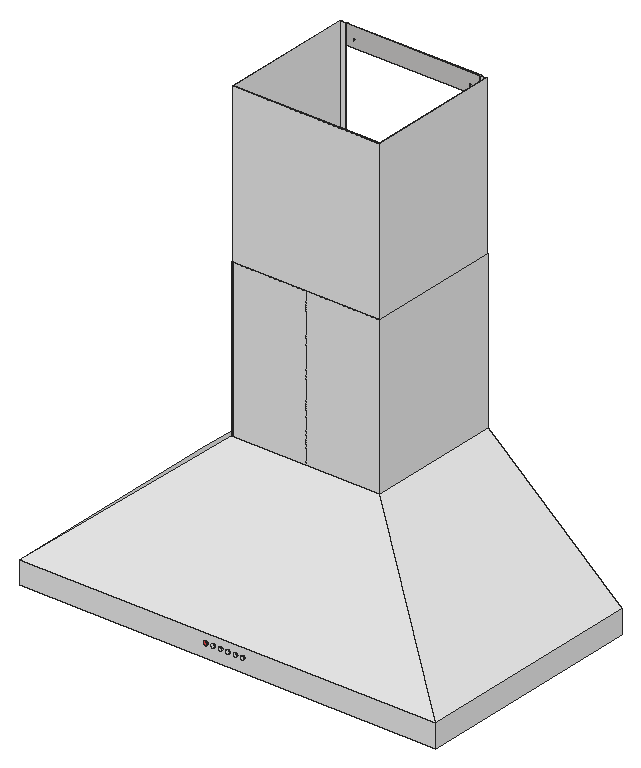
Revit family "FP_Revit_18_HC36PCW1_Rangehood_90001881A", category Specialty Equipment, Revit 2018
Family settings
  Round Connector Dimension = Use Diameter
  Part Type = Normal
  OmniClass Number = 23.40.40.00
  OmniClass Title = Food Service Equipment and Furnishings
  Work Plane-Based = No
  Always vertical = Yes
  Cut with Voids When Loaded = Yes
  Shared = No
  Room Calculation Point = No
Parameters (values of type "HC36PCW1")
  Visibility - Upper Chimney Extension [instance] = yes
  URL = "www.fisherpaykel.com"
  Product - Width = 898 mm  # constant formula
  Product - Height (636mm - 975mm) Ducted [instance] = 975 mm
  Product - Depth = 500 mm  # constant formula
  Model = "HC36PCW1"
  Material - COLOUR CHANGE = Fisher & Paykel - White
  Material - Buttons and Dials = Fisher & Paykel - Steel, Chrome Plated
  Material - Body = Fisher & Paykel - Stainless Steel
  Manufacturer = "Fisher & Paykel Appliances"
  FFL Offset [instance] = 1565 mm
  Description = "36\" Rangehood"
  Connector Description - Extraction = "6” (152 mm) diameter, rigid or semi-rigid ducting, 600 CFM"
  Connector Description - Electrical = "120 V, 60 Hz"
  Chassis - Width = 320 mm  # constant formula
  Chassis - Height = 298 mm  # constant formula
  Chassis - Depth = 290 mm  # constant formula
Types (5, lengths in mm): name | Model | Material - COLOUR CHANGE
  (no name) | "HC36PCW1" | Fisher & Paykel - White
  HC36PCB1 | "HC36PCB1" | Fisher & Paykel - Black
  HC36PCR1 | "HC36PCR1" | Fisher & Paykel - Red
  HC36PCX1 | "HC36PCX1" | Fisher & Paykel - Stainless Steel
  HC36PCW1 | "HC36PCW1" | Fisher & Paykel - White
Reference planes
  plane 1 "Datum": y = 0
  plane 2: z = 0
  plane 3 "Center (Left/Right)": x = 0
  plane 4 "Product - Height": z = 2540
  plane 5 "Product LHS": x = -449
  plane 6 "Product RHS": x = 449
  plane 7 "Product - Depth": y = -500
  plane 8 "Cavity LHS": x = -160
  plane 9 "Cavity RHS": x = 160
  plane 10 "Chassis - Depth": y = -290
  plane 11 "FFL Offset": z = 1565
  plane 12 "Chassis - Height": z = 1863
Forms (mm)
  Extrusion 1, solid, material "Fisher & Paykel - White" <- "Material - COLOUR CHANGE"
    sketch origin (0, 0, 0) x (1, 0, 0) y (0, 1, 0)
      loop
        line (-145, 0) -> (-160, 0) -> (-160, -290) -> (0, -290) -> (160, -290) -> (160, 0) -> (145, 0) -> (145, -1) -> (159, -1) -> (159, -289) -> (-159, -289) -> (-159, -1) -> (-145, -1) -> (-145, 0)
    from 1863 to 2200
  Extrusion 2, solid, material "Fisher & Paykel - White" <- "Material - COLOUR CHANGE", visible <- "Visibility - Upper Chimney Extension"
    sketch origin (0, 0, 0) x (1, 0, 0) y (0, 1, 0)
      loop
        line (-158, -2) -> (-145, -2) -> (-145, -1) -> (-159, -1) -> (-159, -289) -> (159, -289) -> (159, -1) -> (145, -1) -> (145, -2) -> (158, -2) -> (158, -288.044) -> (-158, -288.044) -> (-158, -2)
    from 2190 to 2540
  Extrusion 3, solid, material "Fisher & Paykel - Stainless Steel" <- "Material - Body"
    sketch origin (0, 0, 0) x (1, 0, 0) y (0, 1, 0)
      loop
        circle (0, -87.6) r 75
      loop
        circle (0, -87.6) r 74
    from 1850 to 1897.007
  Extrusion 4, solid, material "Fisher & Paykel - Stainless Steel" <- "Material - Body", visible <- "Visibility - Upper Chimney Extension"
    sketch origin (0, 0, 7) x (1, 0, 0) y (0, 0, 1)
      loop
        line (-145, 2491.596) -> (145, 2491.596) -> (145, 2533) -> (-145, 2533) -> (-145, 2491.596)
      loop
        circle (125, 2508) r 2.5
      loop
        circle (-125, 2508) r 2.5
    from 0 to 2
  Extrusion 5, solid, material "Fisher & Paykel - Steel, Chrome Plated" <- "Material - Buttons and Dials", detail levels fine
    sketch origin (0, 0, 565) x (1, 0, 0) y (0, 0, 1)
      loop
        circle (-32, 1029.1) r 3.958
      loop
        circle (-16, 1029.1) r 3.958
      loop
        circle (0, 1029.1) r 3.958
      loop
        circle (16, 1029.1) r 3.958
      loop
        circle (32, 1029.1) r 3.958
    from 501 to 500
  Extrusion 6, void
    sketch origin (0, 0, 0) x (1, 0, 0) y (0, 1, 0)
      loop
        line (-427.4, -479.9) -> (427.4, -479.9) -> (427.4, -89.9) -> (-427.4, -89.9) -> (-427.4, -479.9)
      loop
        circle (-207.5, -42) r 25
      loop
        circle (207.5, -42) r 25
    from 1565 to 1574
  Extrusion 7, solid, material "Fisher & Paykel - Stainless Steel" <- "Material - Body", detail levels fine
    sketch origin (0, 0, 0) x (1, 0, 0) y (0, 1, 0)
      loop
        line (142.7, -89.9) -> (142.7, -479.9) -> (427.4, -479.9) -> (427.4, -89.9) -> (142.7, -89.9)
      loop
        line (417.55, -469.9) -> (417.55, -99.9) -> (152.2, -99.9) -> (152.2, -469.9) -> (252.55, -469.9) -> (252.55, -409.9) -> (317.55, -409.9) -> (317.55, -469.9) -> (417.55, -469.9)
      loop
        line (269.45, -428.3) -> (269.45, -468.3) -> (300.65, -468.3) -> (300.65, -428.3) -> (269.45, -428.3)
      loop
        line (274.65, -433.5) -> (274.65, -463.1) -> (295.45, -463.1) -> (295.45, -433.5) -> (274.65, -433.5)
      loop
        line (274.85, -442.6) -> (274.85, -462.9) -> (295.25, -462.9) -> (295.25, -442.6) -> (274.85, -442.6)
      loop
        line (-142.7, -89.9) -> (-427.4, -89.9) -> (-427.4, -479.9) -> (-142.7, -479.9) -> (-142.7, -89.9)
      loop
        line (-417.55, -469.9) -> (-317.55, -469.9) -> (-317.55, -409.9) -> (-252.55, -409.9) -> (-252.55, -469.9) -> (-152.2, -469.9) -> (-152.2, -99.9) -> (-417.55, -99.9) -> (-417.55, -469.9)
      loop
        line (-269.45, -428.3) -> (-300.65, -428.3) -> (-300.65, -468.3) -> (-269.45, -468.3) -> (-269.45, -428.3)
      loop
        line (-274.65, -433.5) -> (-295.45, -433.5) -> (-295.45, -463.1) -> (-274.65, -463.1) -> (-274.65, -433.5)
      loop
        line (-274.85, -442.6) -> (-295.25, -442.6) -> (-295.25, -462.9) -> (-274.85, -462.9) -> (-274.85, -442.6)
      loop
        line (-142.35, -89.9) -> (-142.35, -479.9) -> (142.35, -479.9) -> (142.35, -89.9) -> (-142.35, -89.9)
      loop
        line (132.5, -469.9) -> (132.5, -99.9) -> (-132.85, -99.9) -> (-132.85, -469.9) -> (-32.5, -469.9) -> (-32.5, -409.9) -> (32.5, -409.9) -> (32.5, -469.9) -> (132.5, -469.9)
      loop
        line (-15.6, -428.3) -> (-15.6, -468.3) -> (15.6, -468.3) -> (15.6, -428.3) -> (-15.6, -428.3)
      loop
        line (-10.4, -433.5) -> (-10.4, -463.1) -> (10.4, -463.1) -> (10.4, -433.5) -> (-10.4, -433.5)
      loop
        line (-10.2, -442.6) -> (-10.2, -462.9) -> (10.2, -462.9) -> (10.2, -442.6) -> (-10.2, -442.6)
      loop
        line (268.45, -427.3) -> (268.45, -469.3) -> (301.65, -469.3) -> (301.65, -427.3) -> (268.45, -427.3)
      loop
        line (-16.6, -427.3) -> (-16.6, -469.3) -> (16.6, -469.3) -> (16.6, -427.3) -> (-16.6, -427.3)
      loop
        line (-268.45, -427.3) -> (-301.65, -427.3) -> (-301.65, -469.3) -> (-268.45, -469.3) -> (-268.45, -427.3)
    from 1566 to 1574
  Extrusion 8, solid, material "Fisher & Paykel - Aluminium", detail levels medium+fine
    sketch origin (0, 0, 0) x (1, 0, 0) y (0, 1, 0)
      loop
        line (152.2, -99.9) -> (152.2, -469.9) -> (252.55, -469.9) -> (252.55, -409.9) -> (317.55, -409.9) -> (317.55, -469.9) -> (417.55, -469.9) -> (417.55, -99.9) -> (152.2, -99.9)
      loop
        line (-152.2, -99.9) -> (-417.55, -99.9) -> (-417.55, -469.9) -> (-317.55, -469.9) -> (-317.55, -409.9) -> (-252.55, -409.9) -> (-252.55, -469.9) -> (-152.2, -469.9) -> (-152.2, -99.9)
      loop
        line (-132.675, -99.9) -> (-132.675, -469.9) -> (-32.325, -469.9) -> (-32.325, -409.9) -> (32.675, -409.9) -> (32.675, -469.9) -> (132.675, -469.9) -> (132.675, -99.9) -> (-132.675, -99.9)
    from 1566 to 1574
  Extrusion 9, void
    sketch origin (0, 0, 0) x (1, 0, 0) y (0, 0, 1)
      loop
        line (-449, 1863) -> (-449, 1615) -> (-160, 1863) -> (-449, 1863)
      loop
        line (449, 1863) -> (160, 1863) -> (449, 1615) -> (449, 1863)
    from 0 to 500
  Extrusion 10, solid, material "Fisher & Paykel - White" <- "Material - COLOUR CHANGE"
    sketch origin (0, 0, 0) x (0, 1, 0) y (0, 0, 1)
      loop
        line (-500, 1565) -> (0, 1565) -> (0, 1863) -> (-290, 1863) -> (-500, 1615) -> (-500, 1565)
    from -449 to 449
  Extrusion 11, solid, material "Fisher & Paykel - Stainless Steel" <- "Material - Body", detail levels medium+fine
    sketch origin (0, 0, 0) x (1, 0, 0) y (0, 1, 0)
      loop
        circle (90.933, -33) r 3
    from 1897.007 to 1850
  Extrusion 12, solid, material "Fisher & Paykel - Steel, Chrome Plated" <- "Material - Buttons and Dials", detail levels medium+fine
    sketch origin (0, 0, 0) x (1, 0, 0) y (0, 1, 0)
      loop
        circle (-207.5, -42) r 25
      loop
        circle (-207.5, -42) r 22
      loop
        circle (207.5, -42) r 25
      loop
        circle (207.5, -42) r 22
    from 1565 to 1574
  Extrusion 13, solid, material "Fisher & Paykel - White Bezel", detail levels fine
    sketch origin (0, 0, 0) x (1, 0, 0) y (0, 1, 0)
      loop
        circle (-207.5, -42) r 22
      loop
        circle (207.5, -42) r 22
    from 1565 to 1574
  Extrusion 14, void
    sketch origin (0, 0, 0) x (1, 0, 0) y (0, 0, 1)
      loop
        circle (254, 1612) r 2.5
      loop
        circle (125, 1859) r 2.5
      loop
        circle (-254, 1610) r 2.5
      loop
        circle (-125, 1859) r 2.5
    from 0 to 7
  Extrusion 15, solid, material "Fisher & Paykel - Stainless Steel" <- "Material - Body"
    sketch origin (0, 0, 0) x (1, 0, 0) y (0, 0, 1)
      loop
        line (-145, 2183) -> (-145, 2143) -> (145, 2143) -> (145, 2183) -> (-145, 2183)
      loop
        circle (125, 2161) r 2.5
      loop
        circle (-125, 2161) r 2.5
    from 0 to 2
  Extrusion 16, void
    sketch origin (0, 0, 0) x (1, 0, 0) y (0, 1, 0)
      loop
        line (-159, -289) -> (159, -289) -> (159, -2) -> (-159, -2) -> (-159, -289)
    from 1850 to 1863
  Extrusion 17, solid, material "Fisher & Paykel - Bezel Red", detail levels fine
    sketch origin (0, 0, 0) x (1, 0, 0) y (0, 0, 1)
      loop
        circle (-48, 1594.1) r 4.044
    from 500 to 501
Cuts and joins
  Extrusion 6, Extrusion 9, Extrusion 14, Extrusion 16 cuts Extrusion 10
  joined: Extrusion 1, Extrusion 10
  Extrusion 14 cuts Extrusion 4
  Extrusion 14 cuts Extrusion 15
Text (mm)
  text "Due to ongoing product development, product details are subject to change without notice. \nPlease always refer to www.fisherpaykel.com for the most current product information. \n© Fisher & Paykel 2020" at (41.04, -1225.549, 0), in view "Ref. Level (Plan)"
Dimensions and locks
  equal spacing: plane 5 "Product LHS", plane 3 "Center (Left/Right)", plane 6 "Product RHS"
  equal spacing: plane 8 "Cavity LHS", plane 3 "Center (Left/Right)", plane 9 "Cavity RHS"
  "Chassis - Width": plane 8 "Cavity LHS" to plane 9 "Cavity RHS"
  locked: Extrusion 1 sketch curve to Extrusion 1 sketch curve at 1  (x3)
  "FFL Offset": plane 11 "FFL Offset" to level
  "Product - Height (636mm - 975mm) Ducted": plane 4 "Product - Height" to plane 11 "FFL Offset"
  locked: Extrusion 8 to plane 11 "FFL Offset" at 9
  locked: Extrusion 7 to plane 11 "FFL Offset" at 1
  locked: Extrusion 1 to plane 11 "FFL Offset" at 635
  "Chassis - Depth": plane 10 "Chassis - Depth" to plane 1 "Datum"
  "Product - Width": plane 5 "Product LHS" to plane 6 "Product RHS"
  "Product - Depth": plane 1 "Datum" to plane 7 "Product - Depth"
  "Chassis - Height": plane 12 "Chassis - Height" to plane 11 "FFL Offset"
  locked: plane 11 "FFL Offset" to Extrusion 14 sketch curve at 294
  locked: plane 4 "Product - Height" to Extrusion 2 at 350
  locked: Extrusion 3 to plane 11 "FFL Offset" at 332.007
  locked: plane 11 "FFL Offset" to cut or joined group of Extrusion 1, Extrusion 6, Extrusion 9, Extrusion 10, Extrusion 14, Extrusion 16 at 285
  locked: plane 11 "FFL Offset" to cut or joined group of Extrusion 14, Extrusion 15 at 596
  locked: plane 11 "FFL Offset" to cut or joined group of Extrusion 14, Extrusion 15 at 618
  locked: plane 11 "FFL Offset" to cut or joined group of Extrusion 14, Extrusion 15 at 578
  cut or joined group of Extrusion 4, Extrusion 14 to plane 4 "Product - Height" = 41.404 mm
  locked: cut or joined group of Extrusion 4, Extrusion 14 to plane 4 "Product - Height" at 25
  locked: plane 11 "FFL Offset" to cut or joined group of Extrusion 1, Extrusion 6, Extrusion 9, Extrusion 10, Extrusion 14, Extrusion 16 at 294
  locked: plane 11 "FFL Offset" to Extrusion 14 sketch curve at 47
  locked: plane 11 "FFL Offset" to cut or joined group of Extrusion 1, Extrusion 6, Extrusion 9, Extrusion 10, Extrusion 14, Extrusion 16 at 47
  aligned and locked: level to plane 2
  aligned and locked: Extrusion 1 sketch curve to plane 8 "Cavity LHS"
  aligned and locked: plane 9 "Cavity RHS" to Extrusion 1 sketch curve
  aligned and locked: plane 10 "Chassis - Depth" to Extrusion 1 sketch curve
  aligned and locked: plane 4 "Product - Height" to Extrusion 2
  aligned and locked: Extrusion 10 to plane 6 "Product RHS"
  aligned and locked: plane 5 "Product LHS" to Extrusion 10
  aligned and locked: Extrusion 7 to Extrusion 8  (x2)
  aligned and locked: Extrusion 6 to Extrusion 7
  aligned and locked: cut or joined group of Extrusion 1, Extrusion 6, Extrusion 9, Extrusion 10, Extrusion 14, Extrusion 16 to plane 11 "FFL Offset"
  aligned and locked: Extrusion 12 to Extrusion 7
  aligned and locked: Extrusion 13 to Extrusion 7
  aligned and locked: Extrusion 13 to plane 11 "FFL Offset"
  aligned and locked: Extrusion 12 to plane 11 "FFL Offset"
  aligned and locked: plane 4 "Product - Height" to Extrusion 4
  aligned and locked: Extrusion 1 to plane 12 "Chassis - Height"
  aligned and locked: plane 7 "Product - Depth" to Extrusion 5
  aligned and locked: plane 7 "Product - Depth" to Extrusion 17
  aligned and locked: Extrusion 16 to Extrusion 1
  aligned and locked: cut or joined group of Extrusion 1, Extrusion 6, Extrusion 9, Extrusion 10, Extrusion 14, Extrusion 16 to Extrusion 3
  aligned and locked: Extrusion 3 to Extrusion 11
  aligned and locked: cut or joined group of Extrusion 1, Extrusion 6, Extrusion 9, Extrusion 10, Extrusion 14, Extrusion 16 to Extrusion 11
  aligned and locked: cut or joined group of Extrusion 4, Extrusion 14 to Extrusion 2
  aligned and locked: cut or joined group of Extrusion 14, Extrusion 15 to Extrusion 2
Automatic sketch dimensions
  Extrusion 2 sketch curve to plane 8 "Cavity LHS" = 1 mm
  Extrusion 2 sketch curve to Extrusion 2 sketch curve = 1 mm
  plane 1 "Datum" to Extrusion 2 sketch curve = 2 mm  (x2)
  Extrusion 2 sketch curve to Extrusion 2 sketch curve = 13 mm
  plane 9 "Cavity RHS" to Extrusion 2 sketch curve = 15 mm
  plane 9 "Cavity RHS" to Extrusion 2 sketch curve = 2 mm
  plane 9 "Cavity RHS" to Extrusion 2 sketch curve = 1 mm
  plane 10 "Chassis - Depth" to Extrusion 2 sketch curve = 1.956 mm
  plane 10 "Chassis - Depth" to Extrusion 2 sketch curve = 1 mm
  plane 1 "Datum" to Extrusion 2 sketch curve = 1 mm  (x2)
  Extrusion 4 sketch curve to plane 4 "Product - Height" = 0 mm
  Extrusion 4 sketch curve to plane 8 "Cavity LHS" = 15 mm
  Extrusion 4 sketch curve to plane 8 "Cavity LHS" = 35 mm
  plane 9 "Cavity RHS" to Extrusion 4 sketch curve = 35 mm
  plane 9 "Cavity RHS" to Extrusion 4 sketch curve = 15 mm
  Extrusion 4 sketch curve to plane 4 "Product - Height" = 25 mm  (x2)
  Extrusion 4 sketch curve to Extrusion 4 sketch curve = 16.404 mm
  Extrusion 6 sketch curve to plane 5 "Product LHS" = 21.6 mm
  plane 8 "Cavity LHS" to Extrusion 6 sketch curve = 47.5 mm
  Extrusion 6 sketch curve to plane 9 "Cavity RHS" = 47.5 mm
  plane 6 "Product RHS" to Extrusion 6 sketch curve = 21.6 mm
  plane 7 "Product - Depth" to Extrusion 6 sketch curve = 20.1 mm
  plane 1 "Datum" to Extrusion 6 sketch curve = 89.9 mm
  plane 1 "Datum" to Extrusion 6 sketch curve = 42 mm  (x2)
  plane 9 "Cavity RHS" to Extrusion 11 sketch curve = 69.067 mm
  plane 10 "Chassis - Depth" to Extrusion 11 sketch curve = 257 mm
  Extrusion 12 sketch curve to Extrusion 12 sketch curve = 0 mm  (x4)
  plane 8 "Cavity LHS" to Extrusion 12 sketch curve = 47.5 mm
  Extrusion 12 sketch curve to plane 9 "Cavity RHS" = 47.5 mm
  plane 1 "Datum" to Extrusion 12 sketch curve = 42 mm  (x2)
  plane 8 "Cavity LHS" to Extrusion 13 sketch curve = 47.5 mm
  Extrusion 13 sketch curve to plane 9 "Cavity RHS" = 47.5 mm
  plane 1 "Datum" to Extrusion 13 sketch curve = 42 mm  (x2)
  plane 11 "FFL Offset" to Extrusion 14 sketch curve = 45 mm
  plane 8 "Cavity LHS" to Extrusion 14 sketch curve = 94 mm
  Extrusion 14 sketch curve to plane 12 "Chassis - Height" = 4 mm
  Extrusion 14 sketch curve to plane 8 "Cavity LHS" = 35 mm
  plane 9 "Cavity RHS" to Extrusion 14 sketch curve = 35 mm
  Extrusion 14 sketch curve to plane 9 "Cavity RHS" = 94 mm
  Extrusion 15 sketch curve to plane 8 "Cavity LHS" = 15 mm
  Extrusion 15 sketch curve to plane 8 "Cavity LHS" = 35 mm
  plane 9 "Cavity RHS" to Extrusion 15 sketch curve = 35 mm
  plane 9 "Cavity RHS" to Extrusion 15 sketch curve = 15 mm
  plane 12 "Chassis - Height" to Extrusion 15 sketch curve = 280 mm
  Extrusion 15 sketch curve to Extrusion 15 sketch curve = 18 mm  (x2)
  Extrusion 15 sketch curve to Extrusion 15 sketch curve = 22 mm
  plane 1 "Datum" to Extrusion 1 sketch curve = 0 mm  (x2)
  Extrusion 1 sketch curve to plane 3 "Center (Left/Right)" = 0 mm
  plane 1 "Datum" to Extrusion 1 sketch curve = 1 mm  (x2)
  Extrusion 1 sketch curve to Extrusion 1 sketch curve = 14 mm  (x2)
  Extrusion 10 sketch curve to plane 7 "Product - Depth" = 0 mm
  Extrusion 10 sketch curve to plane 12 "Chassis - Height" = 0 mm
  Extrusion 10 sketch curve to plane 10 "Chassis - Depth" = 0 mm
  Extrusion 10 sketch curve to plane 1 "Datum" = 0 mm
  Extrusion 10 sketch curve to plane 11 "FFL Offset" = 0 mm
  Extrusion 10 sketch curve to Extrusion 10 sketch curve = 50 mm
  plane 5 "Product LHS" to Extrusion 9 sketch curve = 0 mm
  plane 8 "Cavity LHS" to Extrusion 9 sketch curve = 0 mm
  plane 9 "Cavity RHS" to Extrusion 9 sketch curve = 0 mm
  plane 6 "Product RHS" to Extrusion 9 sketch curve = 0 mm
  Extrusion 9 sketch curve to plane 12 "Chassis - Height" = 0 mm  (x2)
  plane 11 "FFL Offset" to Extrusion 9 sketch curve = 50 mm  (x2)
  Extrusion 5 sketch curve to plane 3 "Center (Left/Right)" = 0 mm
  Extrusion 5 sketch curve to plane 3 "Center (Left/Right)" = 16 mm
  Extrusion 5 sketch curve to Extrusion 5 sketch curve = 16 mm  (x3)
  plane 11 "FFL Offset" to Extrusion 5 sketch curve = 29.1 mm
  Extrusion 5 sketch curve to Extrusion 5 sketch curve = 0 mm  (x4)
  Extrusion 17 sketch curve to plane 3 "Center (Left/Right)" = 48 mm
  plane 11 "FFL Offset" to Extrusion 17 sketch curve = 29.1 mm
  Extrusion 7 sketch curve to plane 5 "Product LHS" = 21.6 mm
  Extrusion 7 sketch curve to Extrusion 7 sketch curve = 9.85 mm  (x3)
  plane 7 "Product - Depth" to Extrusion 7 sketch curve = 30.1 mm  (x4)
  Extrusion 7 sketch curve to Extrusion 7 sketch curve = 100 mm
  Extrusion 7 sketch curve to Extrusion 7 sketch curve = 16.9 mm  (x5)
  Extrusion 7 sketch curve to Extrusion 7 sketch curve = 5.2 mm  (x12)
  Extrusion 7 sketch curve to Extrusion 7 sketch curve = 0.2 mm  (x9)
  Extrusion 7 sketch curve to Extrusion 7 sketch curve = 20.4 mm  (x2)
  Extrusion 7 sketch curve to plane 8 "Cavity LHS" = 7.8 mm
  Extrusion 7 sketch curve to Extrusion 7 sketch curve = 9.5 mm  (x2)
  Extrusion 7 sketch curve to Extrusion 7 sketch curve = 0.35 mm  (x2)
  Extrusion 7 sketch curve to plane 3 "Center (Left/Right)" = 32.5 mm
  Extrusion 7 sketch curve to plane 3 "Center (Left/Right)" = 15.6 mm
  plane 3 "Center (Left/Right)" to Extrusion 7 sketch curve = 10.2 mm
  plane 9 "Cavity RHS" to Extrusion 7 sketch curve = 27.5 mm
  plane 9 "Cavity RHS" to Extrusion 7 sketch curve = 7.8 mm
  Extrusion 7 sketch curve to plane 9 "Cavity RHS" = 92.55 mm
  plane 6 "Product RHS" to Extrusion 7 sketch curve = 31.45 mm
  Extrusion 7 sketch curve to Extrusion 7 sketch curve = 0 mm  (x3)
  Extrusion 7 sketch curve to Extrusion 7 sketch curve = 10 mm  (x5)
  plane 7 "Product - Depth" to Extrusion 7 sketch curve = 20.1 mm
  Extrusion 7 sketch curve to Extrusion 7 sketch curve = 1.6 mm  (x3)
  Extrusion 7 sketch curve to Extrusion 7 sketch curve = 20.3 mm  (x3)
  Extrusion 7 sketch curve to Extrusion 7 sketch curve = 9.1 mm  (x3)
  Extrusion 7 sketch curve to Extrusion 7 sketch curve = 18.4 mm  (x3)
  plane 1 "Datum" to Extrusion 7 sketch curve = 99.9 mm  (x2)
  Extrusion 8 sketch curve to plane 5 "Product LHS" = 31.45 mm
  plane 7 "Product - Depth" to Extrusion 8 sketch curve = 30.1 mm  (x4)
  Extrusion 8 sketch curve to Extrusion 8 sketch curve = 100 mm
  Extrusion 8 sketch curve to Extrusion 8 sketch curve = 65 mm  (x2)
  Extrusion 8 sketch curve to plane 8 "Cavity LHS" = 7.8 mm
  Extrusion 8 sketch curve to Extrusion 8 sketch curve = 19.525 mm
  Extrusion 8 sketch curve to plane 3 "Center (Left/Right)" = 32.325 mm
  plane 3 "Center (Left/Right)" to Extrusion 8 sketch curve = 32.675 mm
  plane 9 "Cavity RHS" to Extrusion 8 sketch curve = 27.325 mm
  plane 9 "Cavity RHS" to Extrusion 8 sketch curve = 7.8 mm
  Extrusion 8 sketch curve to plane 9 "Cavity RHS" = 92.55 mm
  plane 6 "Product RHS" to Extrusion 8 sketch curve = 31.45 mm
  Extrusion 8 sketch curve to Extrusion 8 sketch curve = 0 mm  (x3)
  Extrusion 8 sketch curve to Extrusion 8 sketch curve = 60 mm  (x3)
  plane 1 "Datum" to Extrusion 8 sketch curve = 99.9 mm  (x2)
  Extrusion 3 sketch curve to Extrusion 3 sketch curve = 0 mm  (x2)
  plane 1 "Datum" to Extrusion 3 sketch curve = 87.6 mm
  plane 6 "Product RHS" to Extrusion 3 sketch curve = 449 mm
  plane 1 "Datum" to Extrusion 16 sketch curve = 2 mm
  Extrusion 16 sketch curve to plane 8 "Cavity LHS" = 1 mm
  plane 9 "Cavity RHS" to Extrusion 16 sketch curve = 1 mm
  plane 10 "Chassis - Depth" to Extrusion 16 sketch curve = 1 mm
  Extrusion 7 sketch curve to Extrusion 7 sketch curve = 1 mm  (x12)
  radius of Extrusion 4 sketch curve = 2.5 mm  (x2)
  radius of Extrusion 6 sketch curve = 25 mm  (x2)
  radius of Extrusion 11 sketch curve = 3 mm
  radius of Extrusion 12 sketch curve = 25 mm  (x2)
  radius of Extrusion 12 sketch curve = 22 mm  (x2)
  radius of Extrusion 13 sketch curve = 22 mm  (x2)
  radius of Extrusion 14 sketch curve = 2.5 mm  (x4)
  radius of Extrusion 15 sketch curve = 2.5 mm  (x2)
  radius of Extrusion 5 sketch curve = 3.958 mm  (x5)
  radius of Extrusion 17 sketch curve = 4.044 mm
  radius of Extrusion 3 sketch curve = 75 mm
  radius of Extrusion 3 sketch curve = 74 mm
Connectors
  hvac at (0, -87.6, 1897.007), driven by "Connector Description - Extraction"
    settings: on Extrusion 3, index 1, duct flow 0.0 L/s, flow factor 0, pres drop 0.0 Pa, loss coef 0, conn angle 0.00°, conn width 304.8 mm, conn height 304.8 mm, conn diameter 150 mm, duct sys type 4, conn prof type 0, flow config 0, flow direction 2, loss method 0, conn ref index -1, conn util no, is conn primary yes, conn desc "6” (152 mm) diameter, rigid or semi-rigid ducting, 600 CFM"
  electrical at (90.933, -33, 1850), driven by "Connector Description - Electrical"
    settings: on Extrusion 11, index 2, voltage 120 V, apparent load 0 VA, apparent load phase1 0 VA, apparent load phase2 0 VA, apparent load phase3 0 VA, power factor 1, load classification "Other", number of poles 1, system type 30, power factor state 1, is connector primary yes, connector utility no, sub classification motor no, connector description "120 V, 60 Hz"
